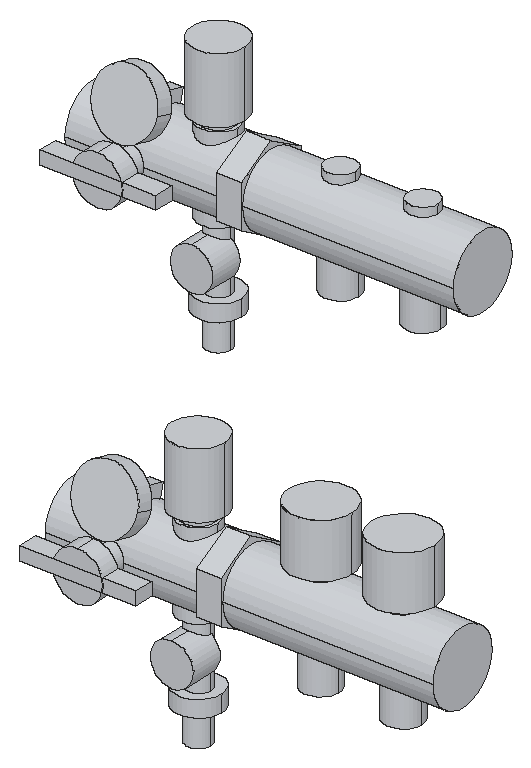
Revit family "318_dba5bdd3bf904ccfaea6eb69f10d74", category Pipe Accessories, Revit 2017
Family settings
  Round Connector Dimension = Use Diameter
  Part Type = Valve - Normal
  Work Plane-Based = No
  Always vertical = Yes
  Cut with Voids When Loaded = No
  Shared = No
Parameters (values of type "R553DK102")
  magi_piping_qv_2_2 [instance] = 0.0 L/s
  magi_piping_qv_2_1 [instance] = 0.0 L/s
  magi_piping_qv_1_2 [instance] = 0.0 L/s
  magi_piping_qv_1_1 [instance] = 0.0 L/s
  magi_piping_qv [instance] = 0.0 L/s
  magi_piping_power_2 [instance] = 0 W
  magi_piping_power_1 [instance] = 0 W
  magi_piping_kv_2 [instance] = 0
  magi_piping_kv_1 [instance] = 0
  magi_piping_dpTot_2 [instance] = 0.0 Pa
  magi_piping_dpTot_1 [instance] = 0.0 Pa
  magi_adjustmentValue_2 [instance] = ""
  magi_adjustmentValue_1 [instance] = ""
  magiProductId = "dba5bdd3bf904ccfaea6eb69f10d74"
  magiProductFamilyId = "dba5bdd3bf904ccfaea6eb69f10d74"
  magiProductCode = "R553DK102"
  magiPartTypeId = 318
  Y = 15 mm
  VersionID = "2.0/2016.10.37.0/GIACOMINI_R553DK_001"
  URL = "http://www.giacomini.com/en"
  SMP = 25 mm
  SBP9 = 18 mm
  SBP8 = 18 mm
  SBP7 = 18 mm
  SBP6 = 18 mm
  SBP5 = 18 mm
  SBP4 = 18 mm
  SBP3 = 18 mm
  SBP2 = 18 mm
  SBP12 = 18 mm
  SBP11 = 18 mm
  SBP10 = 18 mm
  SBP1 = 18 mm
  RMP = 25 mm
  RBP9 = 18 mm
  RBP8 = 18 mm
  RBP7 = 18 mm
  RBP6 = 18 mm
  RBP5 = 18 mm
  RBP4 = 18 mm
  RBP3 = 18 mm
  RBP2 = 18 mm
  RBP12 = 18 mm
  RBP11 = 18 mm
  RBP10 = 18 mm
  RBP1 = 18 mm
  R2 = 22 mm
  QmdConnectorList = "321;SMP;322;SBP1;323;SBP2;351;RMP;352;RBP1;353;RBP2"
  Productdata [instance] = "© Progman Oy, all rights reserved"
  N9 = no
  N8 = no
  N7 = no
  N6 = no
  N5 = no
  N4 = no
  N3 = no
  N12 = no
  N11 = no
  N10 = no
  Manufacturer = "Giacomini"
  MC_Default_elevation = 0 mm
  L = 235 mm
  I = 50 mm
  H5 = 33 mm
  H4 = 5 mm
  H3__ve = -H3  # -40 mm
  H3 = 40 mm
  H11 = 5 mm
  Flow supply main [instance] = Flow supply 1 + Flow supply 2  # 0.0 L/s
  Flow supply 2 [instance] = 0.0 L/s
  Flow supply 1 [instance] = 0.0 L/s
  Flow return main [instance] = Flow return 1 + Flow return 2  # 0.0 L/s
  Flow return 2 [instance] = 0.0 L/s
  Flow return 1 [instance] = 0.0 L/s
  E = 208 mm
  Description = "PREASSEMBLED MANIFOLD KIT"
  D5 = 38 mm
  D4 = 22 mm
  D31 = 18 mm
  D2 = 44 mm
  CAT0 = yes
  A = 149 mm
Reference planes
  plane 1 "Center (Front/Back)": y = 0
  plane 2 "XYPLANE": z = 0
  plane 3 "Center (Left/Right)": x = 0
  plane 4 "INIT_TEMP": y = 100
  plane 5 "379": x = 699
  plane 6 "378": x = 649
  plane 7 "377": x = 599
  plane 8 "376": x = 549
  plane 9 "375": x = 499
  plane 10 "374": x = 449
  plane 11 "373": x = 399
  plane 12 "372": x = 349
  plane 13 "371": x = 299
  plane 14 "369": x = 249
  plane 15 "368": x = 199
  plane 16 "367": x = 149
  plane 17 "366": z = 22
  plane 18 "365": z = 0
  plane 19 "364": z = -208
  plane 20 "363": y = -15
  plane 21 "362": y = 0
  plane 22 "361": x = 0
  plane 23 "360": z = -40
  plane 24 "359": z = -186
  plane 25 "358": z = -181
  plane 26 "357": z = -248
  plane 27 "356": x = 75
  plane 28 "355": z = 26
  plane 29 "354": x = 92
  plane 30 "353": z = 31
  plane 31 "352": z = -26
  plane 32 "351": z = -46
  plane 33 "350": z = -66
  plane 34 "349": z = 30
  plane 35 "348": x = 38
  plane 36 "347": y = -33
  plane 37 "346": z = 30
  plane 38 "345": y = -15
  plane 39 "344": z = -182
  plane 40 "343": z = -177
  plane 41 "342": z = -234
  plane 42 "341": z = -254
  plane 43 "340": z = -274
  plane 44 "339": z = -178
  plane 45 "338": y = -30
  plane 46 "337": z = -178
  plane 47 "336": y = -48
  plane 48 "1055": through (-712, 0, 30) normal (0, 0.2588, 0.9659)
  plane 49 "1056": through (-712, -15, 30) normal (0, -0.9659, 0.2588)
  plane 50 "1057": through (-712, -30, -178) normal (0, 0.9659, -0.2588)
  plane 51 "1058": through (-712, -15, -178) normal (0, -0.2588, -0.9659)
Forms (mm)
  Extrusion 1, solid, visible <- "N12"
    sketch origin (-750, 0, 22) x (1, 0, 0) y (0, 1, 0)
      loop
        circle (1449, 0) r 9
    from 0 to 5 <- "H11"
  Extrusion 2, solid, visible <- "N11"
    sketch origin (-750, 0, 22) x (1, 0, 0) y (0, 1, 0)
      loop
        circle (1399, 0) r 9
    from 0 to 5 <- "H11"
  Extrusion 3, solid, visible <- "N9"
    sketch origin (-750, 0, 22) x (1, 0, 0) y (0, 1, 0)
      loop
        circle (1299, 0) r 9
    from 0 to 5 <- "H11"
  Extrusion 4, solid, visible <- "N10"
    sketch origin (-750, 0, 22) x (1, 0, 0) y (0, 1, 0)
      loop
        circle (1349, 0) r 9
    from 0 to 5 <- "H11"
  Extrusion 5, solid, visible <- "N8"
    sketch origin (-750, 0, 22) x (1, 0, 0) y (0, 1, 0)
      loop
        circle (1249, 0) r 9
    from 0 to 5 <- "H11"
  Extrusion 6, solid, visible <- "N7"
    sketch origin (-750, 0, 22) x (1, 0, 0) y (0, 1, 0)
      loop
        circle (1199, 0) r 9
    from 0 to 5 <- "H11"
  Extrusion 7, solid, visible <- "N6"
    sketch origin (-750, 0, 22) x (1, 0, 0) y (0, 1, 0)
      loop
        circle (1149, 0) r 9
    from 0 to 5 <- "H11"
  Extrusion 8, solid, visible <- "N5"
    sketch origin (-750, 0, 22) x (1, 0, 0) y (0, 1, 0)
      loop
        circle (1099, 0) r 9
    from 0 to 5 <- "H11"
  Extrusion 9, solid, visible <- "N4"
    sketch origin (-750, 0, 22) x (1, 0, 0) y (0, 1, 0)
      loop
        circle (1049, 0) r 9
    from 0 to 5 <- "H11"
  Extrusion 10, solid, visible <- "N3"
    sketch origin (-750, 0, 22) x (1, 0, 0) y (0, 1, 0)
      loop
        circle (999, 0) r 9
    from 0 to 5 <- "H11"
  Extrusion 11, solid
    sketch origin (-750, 0, 22) x (1, 0, 0) y (0, 1, 0)
      loop
        circle (949, 0) r 9
    from 0 to 5 <- "H11"
  Extrusion 12, solid
    sketch origin (-750, 0, 22) x (1, 0, 0) y (0, 1, 0)
      loop
        circle (899, 0) r 9
    from 0 to 5 <- "H11"
  Extrusion 13, solid, visible <- "CAT0"
    sketch origin (0, -750, 0) x (0, 1, 0) y (0, 0, 1)
      loop
        circle (750, 0) r 22
    from 0 to 235 <- "L"
  Extrusion 14, solid
    sketch origin (-750, 0, 0) x (1, 0, 0) y (0, 1, 0)
      loop
        circle (899, 0) r 11
    from 0 to -40 <- "H3__ve"
  Extrusion 15, solid
    sketch origin (-750, 0, 0) x (1, 0, 0) y (0, 1, 0)
      loop
        circle (949, 0) r 11
    from 0 to -40 <- "H3__ve"
  Extrusion 16, solid, visible <- "N3"
    sketch origin (-750, 0, 0) x (1, 0, 0) y (0, 1, 0)
      loop
        circle (999, 0) r 11
    from 0 to -40 <- "H3__ve"
  Extrusion 17, solid, visible <- "N4"
    sketch origin (-750, 0, 0) x (1, 0, 0) y (0, 1, 0)
      loop
        circle (1049, 0) r 11
    from 0 to -40 <- "H3__ve"
  Extrusion 18, solid, visible <- "N5"
    sketch origin (-750, 0, 0) x (1, 0, 0) y (0, 1, 0)
      loop
        circle (1099, 0) r 11
    from 0 to -40 <- "H3__ve"
  Extrusion 19, solid, visible <- "N6"
    sketch origin (-750, 0, 0) x (1, 0, 0) y (0, 1, 0)
      loop
        circle (1149, 0) r 11
    from 0 to -40 <- "H3__ve"
  Extrusion 20, solid, visible <- "N7"
    sketch origin (-750, 0, 0) x (1, 0, 0) y (0, 1, 0)
      loop
        circle (1199, 0) r 11
    from 0 to -40 <- "H3__ve"
  Extrusion 21, solid, visible <- "N12"
    sketch origin (-750, 0, 0) x (1, 0, 0) y (0, 1, 0)
      loop
        circle (1449, 0) r 11
    from 0 to -40 <- "H3__ve"
  Extrusion 22, solid, visible <- "N11"
    sketch origin (-750, 0, 0) x (1, 0, 0) y (0, 1, 0)
      loop
        circle (1399, 0) r 11
    from 0 to -40 <- "H3__ve"
  Extrusion 23, solid, visible <- "N10"
    sketch origin (-750, 0, 0) x (1, 0, 0) y (0, 1, 0)
      loop
        circle (1349, 0) r 11
    from 0 to -40 <- "H3__ve"
  Extrusion 24, solid, visible <- "N9"
    sketch origin (-750, 0, 0) x (1, 0, 0) y (0, 1, 0)
      loop
        circle (1299, 0) r 11
    from 0 to -40 <- "H3__ve"
  Extrusion 25, solid, visible <- "N8"
    sketch origin (-750, 0, 0) x (1, 0, 0) y (0, 1, 0)
      loop
        circle (1249, 0) r 11
    from 0 to -40 <- "H3__ve"
  Extrusion 26, solid, visible <- "CAT0"
    sketch origin (0, -750, 0) x (0, 1, 0) y (0, 0, 1)
      loop
        circle (735, -208) r 22
    from 0 to 235 <- "L"
  Extrusion 27, solid
    sketch origin (-750, 0, -208) x (1, 0, 0) y (0, 1, 0)
      loop
        circle (949, -15) r 11
    from 0 to -40 <- "H3__ve"
  Extrusion 28, solid
    sketch origin (-750, 0, -208) x (1, 0, 0) y (0, 1, 0)
      loop
        circle (899, -15) r 11
    from 0 to -40 <- "H3__ve"
  Extrusion 29, solid, visible <- "N3"
    sketch origin (-750, 0, -208) x (1, 0, 0) y (0, 1, 0)
      loop
        circle (999, -15) r 11
    from 0 to -40 <- "H3__ve"
  Extrusion 30, solid
    sketch origin (-750, 0, -186) x (1, 0, 0) y (0, 1, 0)
      loop
        circle (899, -15) r 11
    from 0 to 5 <- "H4"
  Extrusion 31, solid
    sketch origin (-750, 0, -181) x (1, 0, 0) y (0, 1, 0)
      loop
        circle (899, -15) r 19
    from 0 to 33 <- "H5"
  Extrusion 32, solid
    sketch origin (-750, 0, -181) x (1, 0, 0) y (0, 1, 0)
      loop
        circle (949, -15) r 19
    from 0 to 33 <- "H5"
  Extrusion 33, solid
    sketch origin (-750, 0, -186) x (1, 0, 0) y (0, 1, 0)
      loop
        circle (949, -15) r 11
    from 0 to 5 <- "H4"
  Extrusion 34, solid, visible <- "N3"
    sketch origin (-750, 0, -186) x (1, 0, 0) y (0, 1, 0)
      loop
        circle (999, -15) r 11
    from 0 to 5 <- "H4"
  Extrusion 35, solid, visible <- "N3"
    sketch origin (-750, 0, -181) x (1, 0, 0) y (0, 1, 0)
      loop
        circle (999, -15) r 19
    from 0 to 33 <- "H5"
  Extrusion 36, solid, visible <- "N4"
    sketch origin (-750, 0, -181) x (1, 0, 0) y (0, 1, 0)
      loop
        circle (1049, -15) r 19
    from 0 to 33 <- "H5"
  Extrusion 37, solid, visible <- "N4"
    sketch origin (-750, 0, -186) x (1, 0, 0) y (0, 1, 0)
      loop
        circle (1049, -15) r 11
    from 0 to 5 <- "H4"
  Extrusion 38, solid, visible <- "N4"
    sketch origin (-750, 0, -208) x (1, 0, 0) y (0, 1, 0)
      loop
        circle (1049, -15) r 11
    from 0 to -40 <- "H3__ve"
  Extrusion 39, solid, visible <- "N5"
    sketch origin (-750, 0, -208) x (1, 0, 0) y (0, 1, 0)
      loop
        circle (1099, -15) r 11
    from 0 to -40 <- "H3__ve"
  Extrusion 40, solid, visible <- "N5"
    sketch origin (-750, 0, -186) x (1, 0, 0) y (0, 1, 0)
      loop
        circle (1099, -15) r 11
    from 0 to 5 <- "H4"
  Extrusion 41, solid, visible <- "N5"
    sketch origin (-750, 0, -181) x (1, 0, 0) y (0, 1, 0)
      loop
        circle (1099, -15) r 19
    from 0 to 33 <- "H5"
  Extrusion 42, solid, visible <- "N6"
    sketch origin (-750, 0, -181) x (1, 0, 0) y (0, 1, 0)
      loop
        circle (1149, -15) r 19
    from 0 to 33 <- "H5"
  Extrusion 43, solid, visible <- "N6"
    sketch origin (-750, 0, -186) x (1, 0, 0) y (0, 1, 0)
      loop
        circle (1149, -15) r 11
    from 0 to 5 <- "H4"
  Extrusion 44, solid, visible <- "N6"
    sketch origin (-750, 0, -208) x (1, 0, 0) y (0, 1, 0)
      loop
        circle (1149, -15) r 11
    from 0 to -40 <- "H3__ve"
  Extrusion 45, solid, visible <- "N7"
    sketch origin (-750, 0, -208) x (1, 0, 0) y (0, 1, 0)
      loop
        circle (1199, -15) r 11
    from 0 to -40 <- "H3__ve"
  Extrusion 46, solid, visible <- "N7"
    sketch origin (-750, 0, -186) x (1, 0, 0) y (0, 1, 0)
      loop
        circle (1199, -15) r 11
    from 0 to 5 <- "H4"
  Extrusion 47, solid, visible <- "N7"
    sketch origin (-750, 0, -181) x (1, 0, 0) y (0, 1, 0)
      loop
        circle (1199, -15) r 19
    from 0 to 33 <- "H5"
  Extrusion 48, solid, visible <- "N9"
    sketch origin (-750, 0, -181) x (1, 0, 0) y (0, 1, 0)
      loop
        circle (1299, -15) r 19
    from 0 to 33 <- "H5"
  Extrusion 49, solid, visible <- "N9"
    sketch origin (-750, 0, -186) x (1, 0, 0) y (0, 1, 0)
      loop
        circle (1299, -15) r 11
    from 0 to 5 <- "H4"
  Extrusion 50, solid, visible <- "N9"
    sketch origin (-750, 0, -208) x (1, 0, 0) y (0, 1, 0)
      loop
        circle (1299, -15) r 11
    from 0 to -40 <- "H3__ve"
  Extrusion 51, solid, visible <- "N8"
    sketch origin (-750, 0, -208) x (1, 0, 0) y (0, 1, 0)
      loop
        circle (1249, -15) r 11
    from 0 to -40 <- "H3__ve"
  Extrusion 52, solid, visible <- "N8"
    sketch origin (-750, 0, -186) x (1, 0, 0) y (0, 1, 0)
      loop
        circle (1249, -15) r 11
    from 0 to 5 <- "H4"
  Extrusion 53, solid, visible <- "N8"
    sketch origin (-750, 0, -181) x (1, 0, 0) y (0, 1, 0)
      loop
        circle (1249, -15) r 19
    from 0 to 33 <- "H5"
  Extrusion 54, solid, visible <- "N11"
    sketch origin (-750, 0, -181) x (1, 0, 0) y (0, 1, 0)
      loop
        circle (1399, -15) r 19
    from 0 to 33 <- "H5"
  Extrusion 55, solid, visible <- "N11"
    sketch origin (-750, 0, -186) x (1, 0, 0) y (0, 1, 0)
      loop
        circle (1399, -15) r 11
    from 0 to 5 <- "H4"
  Extrusion 56, solid, visible <- "N11"
    sketch origin (-750, 0, -208) x (1, 0, 0) y (0, 1, 0)
      loop
        circle (1399, -15) r 11
    from 0 to -40 <- "H3__ve"
  Extrusion 57, solid, visible <- "N12"
    sketch origin (-750, 0, -208) x (1, 0, 0) y (0, 1, 0)
      loop
        circle (1449, -15) r 11
    from 0 to -40 <- "H3__ve"
  Extrusion 58, solid, visible <- "N12"
    sketch origin (-750, 0, -186) x (1, 0, 0) y (0, 1, 0)
      loop
        circle (1449, -15) r 11
    from 0 to 5 <- "H4"
  Extrusion 59, solid, visible <- "N12"
    sketch origin (-750, 0, -181) x (1, 0, 0) y (0, 1, 0)
      loop
        circle (1449, -15) r 19
    from 0 to 33 <- "H5"
  Extrusion 60, solid, visible <- "N10"
    sketch origin (-750, 0, -181) x (1, 0, 0) y (0, 1, 0)
      loop
        circle (1349, -15) r 19
    from 0 to 33 <- "H5"
  Extrusion 61, solid, visible <- "N10"
    sketch origin (-750, 0, -186) x (1, 0, 0) y (0, 1, 0)
      loop
        circle (1349, -15) r 11
    from 0 to 5 <- "H4"
  Extrusion 62, solid, visible <- "N10"
    sketch origin (-750, 0, -208) x (1, 0, 0) y (0, 1, 0)
      loop
        circle (1349, -15) r 11
    from 0 to -40 <- "H3__ve"
  Extrusion 63, solid
    sketch origin (-750, 0, 26) x (1, 0, 0) y (0, 1, 0)
      loop
        circle (825, 0) r 12
    from 0 to -52
  Extrusion 64, solid
    sketch origin (92, -750, 0) x (0, 1, 0) y (0, 0, 1)
      loop
        line (750, 26) -> (727.483, 13) -> (727.483, -13) -> (750, -26) -> (772.517, -13) -> (772.517, 13) -> (750, 26)
    from 0 to 15
  Extrusion 65, solid
    sketch origin (-750, 0, 26) x (1, 0, 0) y (0, 1, 0)
      loop
        circle (825, 0) r 10
    from 0 to 5
  Extrusion 66, solid
    sketch origin (-750, 0, 31) x (1, 0, 0) y (0, 1, 0)
      loop
        circle (825, 0) r 16
    from 0 to 40
  Extrusion 67, solid
    sketch origin (-750, 0, -26) x (1, 0, 0) y (0, 1, 0)
      loop
        circle (825, 0) r 7.5
    from 0 to -70
  Extrusion 68, solid
    sketch origin (750, 0, 0) x (-1, 0, 0) y (0, 0, 1)
      loop
        circle (675, -46) r 13
    from 0 to -20
  Extrusion 69, solid
    sketch origin (-750, 0, -66) x (1, 0, 0) y (0, 1, 0)
      loop
        circle (825, 0) r 14
    from 0 to -10
  Extrusion 70, solid
    sketch origin (750, -33, 0) x (-1, 0, 0) y (0, 0, 1)
      loop
        circle (712, 0) r 15
    from 0 to -12
  Extrusion 71, solid
    sketch origin (-712, 0, 30) x (1, 0, 0) y (0, 0.965926, -0.258819)
      loop
        line (746, 15) -> (746, -15) -> (754, -15) -> (754, 15) -> (746, 15)
    from 0 to -18
  Extrusion 72, solid
    sketch origin (750, 0, 0) x (-1, 0, 0) y (0, 0, 1)
      loop
        circle (712, 0) r 9
    from 0 to -33
  Extrusion 73, solid
    sketch origin (750, -33, 0) x (-1, 0, 0) y (0, 0, 1)
      loop
        line (677, 4) -> (677, -4) -> (747, -4) -> (747, 4) -> (677, 4)
    from 0 to -12
  Extrusion 74, solid
    sketch origin (-712, -15, 30) x (1, 0, 0) y (0, 0.258819, 0.965926)
      loop
        circle (750, 0) r 20
    from 0 to 10
  Extrusion 75, solid
    sketch origin (-750, 0, -274) x (1, 0, 0) y (0, 1, 0)
      loop
        circle (825, -15) r 14
    from 0 to -10
  Extrusion 76, solid
    sketch origin (750, -15, 0) x (-1, 0, 0) y (0, 0, 1)
      loop
        circle (675, -254) r 13
    from 0 to -20
  Extrusion 77, solid
    sketch origin (-750, 0, -234) x (1, 0, 0) y (0, 1, 0)
      loop
        circle (825, -15) r 7.5
    from 0 to -70
  Extrusion 78, solid
    sketch origin (-750, 0, -177) x (1, 0, 0) y (0, 1, 0)
      loop
        circle (825, -15) r 16
    from 0 to 40
  Extrusion 79, solid
    sketch origin (-750, 0, -182) x (1, 0, 0) y (0, 1, 0)
      loop
        circle (825, -15) r 10
    from 0 to 5
  Extrusion 80, solid
    sketch origin (92, -750, 0) x (0, 1, 0) y (0, 0, 1)
      loop
        line (735, -182) -> (712.483, -195) -> (712.483, -221) -> (735, -234) -> (757.517, -221) -> (757.517, -195) -> (735, -182)
    from 0 to 15
  Extrusion 81, solid
    sketch origin (-750, 0, -182) x (1, 0, 0) y (0, 1, 0)
      loop
        circle (825, -15) r 12
    from 0 to -52
  Extrusion 82, solid
    sketch origin (-712, -30, -178) x (1, 0, 0) y (0, -0.258819, -0.965926)
      loop
        circle (750, 0) r 20
    from 0 to -10
  Extrusion 83, solid
    sketch origin (750, -48, 0) x (-1, 0, 0) y (0, 0, 1)
      loop
        line (677, -204) -> (677, -212) -> (747, -212) -> (747, -204) -> (677, -204)
    from 0 to -12
  Extrusion 84, solid
    sketch origin (750, -15, 0) x (-1, 0, 0) y (0, 0, 1)
      loop
        circle (712, -208) r 9
    from 0 to -33
  Extrusion 85, solid
    sketch origin (-712, -15, -178) x (1, 0, 0) y (0, -0.965926, 0.258819)
      loop
        line (746, -15) -> (754, -15) -> (754, 15) -> (746, 15) -> (746, -15)
    from 0 to 18
  Extrusion 86, solid
    sketch origin (750, -48, 0) x (-1, 0, 0) y (0, 0, 1)
      loop
        circle (712, -208) r 15
    from 0 to -12
  Extrusion 87, solid, not visible
    sketch origin (-750, 0, -40) x (1, 0, 0) y (0, 1, 0)
      loop
        circle (949, 0) r 10
    from 0 to 10
  Extrusion 88, solid, not visible
    sketch origin (-750, 0, -40) x (1, 0, 0) y (0, 1, 0)
      loop
        circle (899, 0) r 10
    from 0 to 10
  Extrusion 89, solid, not visible
    sketch origin (0, -750, 0) x (0, 1, 0) y (0, 0, 1)
      loop
        circle (735, -208) r 10
    from 0 to 10
  Extrusion 90, solid, not visible
    sketch origin (0, -750, 0) x (0, 1, 0) y (0, 0, 1)
      loop
        circle (750, 0) r 10
    from 0 to 10
  Extrusion 91, solid, not visible
    sketch origin (-750, 0, -248) x (1, 0, 0) y (0, 1, 0)
      loop
        circle (899, -15) r 10
    from 0 to 10
  Extrusion 92, solid, not visible
    sketch origin (-750, 0, -248) x (1, 0, 0) y (0, 1, 0)
      loop
        circle (949, -15) r 10
    from 0 to 10
Text (mm)
  text "© Progman Oy, all rights reserved" at (-472.209, -2482.653, 0), in view "Ref. Level"
Dimensions and locks
  plane 4 "INIT_TEMP" to plane 1 "Center (Front/Back)" = 100 mm
  "I": plane 6 "378" to plane 5 "379"
  "I": plane 7 "377" to plane 6 "378"
  "I": plane 8 "376" to plane 7 "377"
  "I": plane 9 "375" to plane 8 "376"
  "I": plane 10 "374" to plane 9 "375"
  "I": plane 11 "373" to plane 10 "374"
  "I": plane 12 "372" to plane 11 "373"
  "I": plane 13 "371" to plane 12 "372"
  "I": plane 14 "369" to plane 13 "371"
  "I": plane 15 "368" to plane 14 "369"
  "I": plane 16 "367" to plane 15 "368"
  "A": plane 3 "Center (Left/Right)" to plane 16 "367"
  "R2": plane 2 "XYPLANE" to plane 17 "366"
  locked: plane 2 "XYPLANE" to plane 18 "365"
  "E": plane 2 "XYPLANE" to plane 19 "364"
  "Y": plane 1 "Center (Front/Back)" to plane 20 "363"
  locked: plane 1 "Center (Front/Back)" to plane 21 "362"
  locked: plane 3 "Center (Left/Right)" to plane 22 "361"
  "H3": plane 2 "XYPLANE" to plane 23 "360"
  "R2": plane 19 "364" to plane 24 "359"
  "H4": plane 24 "359" to plane 25 "358"
  "H3": plane 19 "364" to plane 26 "357"
  locked: plane 3 "Center (Left/Right)" to plane 27 "356" at 75
  locked: plane 2 "XYPLANE" to plane 28 "355" at 26
  locked: plane 27 "356" to plane 29 "354" at 17
  locked: plane 28 "355" to plane 30 "353" at 5
  locked: plane 28 "355" to plane 31 "352" at 52
  locked: plane 31 "352" to plane 32 "351" at 20
  locked: plane 31 "352" to plane 33 "350" at 40
  locked: plane 2 "XYPLANE" to plane 34 "349" at 30
  locked: plane 3 "Center (Left/Right)" to plane 35 "348" at 38
  locked: plane 1 "Center (Front/Back)" to plane 36 "347" at 33
  locked: plane 2 "XYPLANE" to plane 37 "346" at 30
  locked: plane 1 "Center (Front/Back)" to plane 38 "345" at 15
  locked: plane 19 "364" to plane 39 "344" at 26
  locked: plane 39 "344" to plane 40 "343" at 5
  locked: plane 39 "344" to plane 41 "342" at 52
  locked: plane 41 "342" to plane 42 "341" at 20
  locked: plane 41 "342" to plane 43 "340" at 40
  locked: plane 19 "364" to plane 44 "339" at 30
  locked: plane 20 "363" to plane 45 "338" at 15
  locked: plane 19 "364" to plane 46 "337" at 30
  locked: plane 20 "363" to plane 47 "336" at 33
  "D31": diameter of Extrusion 1 sketch curve
  "D31": diameter of Extrusion 2 sketch curve
  "D31": diameter of Extrusion 3 sketch curve
  "D31": diameter of Extrusion 4 sketch curve
  "D31": diameter of Extrusion 5 sketch curve
  "D31": diameter of Extrusion 6 sketch curve
  "D31": diameter of Extrusion 7 sketch curve
  "D31": diameter of Extrusion 8 sketch curve
  "D31": diameter of Extrusion 9 sketch curve
  "D31": diameter of Extrusion 10 sketch curve
  "D31": diameter of Extrusion 11 sketch curve
  "D31": diameter of Extrusion 12 sketch curve
  "D2": diameter of Extrusion 13 sketch curve
  "D4": diameter of Extrusion 14 sketch curve
  "D4": diameter of Extrusion 15 sketch curve
  "D4": diameter of Extrusion 16 sketch curve
  "D4": diameter of Extrusion 17 sketch curve
  "D4": diameter of Extrusion 18 sketch curve
  "D4": diameter of Extrusion 19 sketch curve
  "D4": diameter of Extrusion 20 sketch curve
  "D4": diameter of Extrusion 21 sketch curve
  "D4": diameter of Extrusion 22 sketch curve
  "D4": diameter of Extrusion 23 sketch curve
  "D4": diameter of Extrusion 24 sketch curve
  "D4": diameter of Extrusion 25 sketch curve
  "D2": diameter of Extrusion 26 sketch curve
  "D4": diameter of Extrusion 27 sketch curve
  "D4": diameter of Extrusion 28 sketch curve
  "D4": diameter of Extrusion 29 sketch curve
  "D4": diameter of Extrusion 30 sketch curve
  "D5": diameter of Extrusion 31 sketch curve
  "D5": diameter of Extrusion 32 sketch curve
  "D4": diameter of Extrusion 33 sketch curve
  "D4": diameter of Extrusion 34 sketch curve
  "D5": diameter of Extrusion 35 sketch curve
  "D5": diameter of Extrusion 36 sketch curve
  "D4": diameter of Extrusion 37 sketch curve
  "D4": diameter of Extrusion 38 sketch curve
  "D4": diameter of Extrusion 39 sketch curve
  "D4": diameter of Extrusion 40 sketch curve
  "D5": diameter of Extrusion 41 sketch curve
  "D5": diameter of Extrusion 42 sketch curve
  "D4": diameter of Extrusion 43 sketch curve
  "D4": diameter of Extrusion 44 sketch curve
  "D4": diameter of Extrusion 45 sketch curve
  "D4": diameter of Extrusion 46 sketch curve
  "D5": diameter of Extrusion 47 sketch curve
  "D5": diameter of Extrusion 48 sketch curve
  "D4": diameter of Extrusion 49 sketch curve
  "D4": diameter of Extrusion 50 sketch curve
  "D4": diameter of Extrusion 51 sketch curve
  "D4": diameter of Extrusion 52 sketch curve
  "D5": diameter of Extrusion 53 sketch curve
  "D5": diameter of Extrusion 54 sketch curve
  "D4": diameter of Extrusion 55 sketch curve
  "D4": diameter of Extrusion 56 sketch curve
  "D4": diameter of Extrusion 57 sketch curve
  "D4": diameter of Extrusion 58 sketch curve
  "D5": diameter of Extrusion 59 sketch curve
  "D5": diameter of Extrusion 60 sketch curve
  "D4": diameter of Extrusion 61 sketch curve
  "D4": diameter of Extrusion 62 sketch curve
  aligned and locked: level to plane 2 "XYPLANE"
  aligned and locked: plane 5 "379" to Extrusion 1 sketch curve
  aligned and locked: plane 21 "362" to Extrusion 1 sketch curve
  aligned and locked: plane 6 "378" to Extrusion 2 sketch curve
  aligned and locked: plane 21 "362" to Extrusion 2 sketch curve
  aligned and locked: plane 8 "376" to Extrusion 3 sketch curve
  aligned and locked: plane 21 "362" to Extrusion 3 sketch curve
  aligned and locked: plane 7 "377" to Extrusion 4 sketch curve
  aligned and locked: plane 21 "362" to Extrusion 4 sketch curve
  aligned and locked: plane 9 "375" to Extrusion 5 sketch curve
  aligned and locked: plane 21 "362" to Extrusion 5 sketch curve
  aligned and locked: plane 10 "374" to Extrusion 6 sketch curve
  aligned and locked: plane 21 "362" to Extrusion 6 sketch curve
  aligned and locked: plane 11 "373" to Extrusion 7 sketch curve
  aligned and locked: plane 21 "362" to Extrusion 7 sketch curve
  aligned and locked: plane 12 "372" to Extrusion 8 sketch curve
  aligned and locked: plane 21 "362" to Extrusion 8 sketch curve
  aligned and locked: plane 13 "371" to Extrusion 9 sketch curve
  aligned and locked: plane 21 "362" to Extrusion 9 sketch curve
  aligned and locked: plane 14 "369" to Extrusion 10 sketch curve
  aligned and locked: plane 21 "362" to Extrusion 10 sketch curve
  aligned and locked: plane 15 "368" to Extrusion 11 sketch curve
  aligned and locked: plane 21 "362" to Extrusion 11 sketch curve
  aligned and locked: plane 16 "367" to Extrusion 12 sketch curve
  aligned and locked: plane 21 "362" to Extrusion 12 sketch curve
  aligned and locked: plane 18 "365" to Extrusion 13 sketch curve
  aligned and locked: Extrusion 13 sketch curve to plane 21 "362"
  aligned and locked: plane 16 "367" to Extrusion 14 sketch curve
  aligned and locked: plane 21 "362" to Extrusion 14 sketch curve
  aligned and locked: plane 15 "368" to Extrusion 15 sketch curve
  aligned and locked: plane 21 "362" to Extrusion 15 sketch curve
  aligned and locked: plane 14 "369" to Extrusion 16 sketch curve
  aligned and locked: plane 21 "362" to Extrusion 16 sketch curve
  aligned and locked: plane 13 "371" to Extrusion 17 sketch curve
  aligned and locked: plane 21 "362" to Extrusion 17 sketch curve
  aligned and locked: plane 12 "372" to Extrusion 18 sketch curve
  aligned and locked: plane 21 "362" to Extrusion 18 sketch curve
  aligned and locked: plane 11 "373" to Extrusion 19 sketch curve
  aligned and locked: plane 21 "362" to Extrusion 19 sketch curve
  aligned and locked: plane 10 "374" to Extrusion 20 sketch curve
  aligned and locked: plane 21 "362" to Extrusion 20 sketch curve
  aligned and locked: plane 5 "379" to Extrusion 21 sketch curve
  aligned and locked: plane 21 "362" to Extrusion 21 sketch curve
  aligned and locked: plane 6 "378" to Extrusion 22 sketch curve
  aligned and locked: plane 21 "362" to Extrusion 22 sketch curve
  aligned and locked: plane 7 "377" to Extrusion 23 sketch curve
  aligned and locked: plane 21 "362" to Extrusion 23 sketch curve
  aligned and locked: plane 8 "376" to Extrusion 24 sketch curve
  aligned and locked: plane 21 "362" to Extrusion 24 sketch curve
  aligned and locked: plane 9 "375" to Extrusion 25 sketch curve
  aligned and locked: plane 21 "362" to Extrusion 25 sketch curve
  aligned and locked: plane 19 "364" to Extrusion 26 sketch curve
  aligned and locked: Extrusion 26 sketch curve to plane 20 "363"
  aligned and locked: plane 15 "368" to Extrusion 27 sketch curve
  aligned and locked: plane 20 "363" to Extrusion 27 sketch curve
  aligned and locked: plane 16 "367" to Extrusion 28 sketch curve
  aligned and locked: plane 20 "363" to Extrusion 28 sketch curve
  aligned and locked: plane 14 "369" to Extrusion 29 sketch curve
  aligned and locked: plane 20 "363" to Extrusion 29 sketch curve
  aligned and locked: plane 16 "367" to Extrusion 30 sketch curve
  aligned and locked: plane 20 "363" to Extrusion 30 sketch curve
  aligned and locked: plane 16 "367" to Extrusion 31 sketch curve
  aligned and locked: plane 20 "363" to Extrusion 31 sketch curve
  aligned and locked: plane 15 "368" to Extrusion 32 sketch curve
  aligned and locked: plane 20 "363" to Extrusion 32 sketch curve
  aligned and locked: plane 15 "368" to Extrusion 33 sketch curve
  aligned and locked: plane 20 "363" to Extrusion 33 sketch curve
  aligned and locked: plane 14 "369" to Extrusion 34 sketch curve
  aligned and locked: plane 20 "363" to Extrusion 34 sketch curve
  aligned and locked: plane 14 "369" to Extrusion 35 sketch curve
  aligned and locked: plane 20 "363" to Extrusion 35 sketch curve
  aligned and locked: plane 13 "371" to Extrusion 36 sketch curve
  aligned and locked: plane 20 "363" to Extrusion 36 sketch curve
  aligned and locked: plane 13 "371" to Extrusion 37 sketch curve
  aligned and locked: plane 20 "363" to Extrusion 37 sketch curve
  aligned and locked: plane 13 "371" to Extrusion 38 sketch curve
  aligned and locked: plane 20 "363" to Extrusion 38 sketch curve
  aligned and locked: plane 12 "372" to Extrusion 39 sketch curve
  aligned and locked: plane 20 "363" to Extrusion 39 sketch curve
  aligned and locked: plane 12 "372" to Extrusion 40 sketch curve
  aligned and locked: plane 20 "363" to Extrusion 40 sketch curve
  aligned and locked: plane 12 "372" to Extrusion 41 sketch curve
  aligned and locked: plane 20 "363" to Extrusion 41 sketch curve
  aligned and locked: plane 11 "373" to Extrusion 42 sketch curve
  aligned and locked: plane 20 "363" to Extrusion 42 sketch curve
  aligned and locked: plane 11 "373" to Extrusion 43 sketch curve
  aligned and locked: plane 20 "363" to Extrusion 43 sketch curve
  aligned and locked: plane 11 "373" to Extrusion 44 sketch curve
  aligned and locked: plane 20 "363" to Extrusion 44 sketch curve
  aligned and locked: plane 10 "374" to Extrusion 45 sketch curve
  aligned and locked: plane 20 "363" to Extrusion 45 sketch curve
  aligned and locked: plane 10 "374" to Extrusion 46 sketch curve
  aligned and locked: plane 20 "363" to Extrusion 46 sketch curve
  aligned and locked: plane 10 "374" to Extrusion 47 sketch curve
  aligned and locked: plane 20 "363" to Extrusion 47 sketch curve
  aligned and locked: plane 8 "376" to Extrusion 48 sketch curve
  aligned and locked: plane 20 "363" to Extrusion 48 sketch curve
  aligned and locked: plane 8 "376" to Extrusion 49 sketch curve
  aligned and locked: plane 20 "363" to Extrusion 49 sketch curve
  aligned and locked: plane 8 "376" to Extrusion 50 sketch curve
  aligned and locked: plane 20 "363" to Extrusion 50 sketch curve
  aligned and locked: plane 9 "375" to Extrusion 51 sketch curve
  aligned and locked: plane 20 "363" to Extrusion 51 sketch curve
  aligned and locked: plane 9 "375" to Extrusion 52 sketch curve
  aligned and locked: plane 20 "363" to Extrusion 52 sketch curve
  aligned and locked: plane 9 "375" to Extrusion 53 sketch curve
  aligned and locked: plane 20 "363" to Extrusion 53 sketch curve
  aligned and locked: plane 6 "378" to Extrusion 54 sketch curve
  aligned and locked: plane 20 "363" to Extrusion 54 sketch curve
  aligned and locked: plane 6 "378" to Extrusion 55 sketch curve
  aligned and locked: plane 20 "363" to Extrusion 55 sketch curve
  aligned and locked: plane 6 "378" to Extrusion 56 sketch curve
  aligned and locked: plane 20 "363" to Extrusion 56 sketch curve
  aligned and locked: plane 5 "379" to Extrusion 57 sketch curve
  aligned and locked: plane 20 "363" to Extrusion 57 sketch curve
  aligned and locked: plane 5 "379" to Extrusion 58 sketch curve
  aligned and locked: plane 20 "363" to Extrusion 58 sketch curve
  aligned and locked: plane 5 "379" to Extrusion 59 sketch curve
  aligned and locked: plane 20 "363" to Extrusion 59 sketch curve
  aligned and locked: plane 7 "377" to Extrusion 60 sketch curve
  aligned and locked: plane 20 "363" to Extrusion 60 sketch curve
  aligned and locked: plane 7 "377" to Extrusion 61 sketch curve
  aligned and locked: plane 20 "363" to Extrusion 61 sketch curve
  aligned and locked: plane 7 "377" to Extrusion 62 sketch curve
  aligned and locked: plane 20 "363" to Extrusion 62 sketch curve
  aligned and locked: plane 21 "362" to Extrusion 63 sketch curve
  aligned and locked: plane 27 "356" to Extrusion 63 sketch curve
  aligned and locked: plane 21 "362" to Extrusion 65 sketch curve
  aligned and locked: plane 27 "356" to Extrusion 65 sketch curve
  aligned and locked: plane 21 "362" to Extrusion 66 sketch curve
  aligned and locked: plane 27 "356" to Extrusion 66 sketch curve
  aligned and locked: plane 21 "362" to Extrusion 67 sketch curve
  aligned and locked: plane 27 "356" to Extrusion 67 sketch curve
  aligned and locked: plane 27 "356" to Extrusion 68 sketch curve
  aligned and locked: plane 32 "351" to Extrusion 68 sketch curve
  aligned and locked: plane 21 "362" to Extrusion 69 sketch curve
  aligned and locked: plane 27 "356" to Extrusion 69 sketch curve
  aligned and locked: plane 18 "365" to Extrusion 70 sketch curve
  aligned and locked: plane 35 "348" to Extrusion 70 sketch curve
  aligned and locked: plane 18 "365" to Extrusion 72 sketch curve
  aligned and locked: plane 35 "348" to Extrusion 72 sketch curve
  aligned and locked: plane 35 "348" to Extrusion 74 sketch curve
  aligned and locked: plane 20 "363" to Extrusion 75 sketch curve
  aligned and locked: plane 27 "356" to Extrusion 75 sketch curve
  aligned and locked: plane 27 "356" to Extrusion 76 sketch curve
  aligned and locked: plane 42 "341" to Extrusion 76 sketch curve
  aligned and locked: plane 20 "363" to Extrusion 77 sketch curve
  aligned and locked: plane 27 "356" to Extrusion 77 sketch curve
  aligned and locked: plane 20 "363" to Extrusion 78 sketch curve
  aligned and locked: plane 27 "356" to Extrusion 78 sketch curve
  aligned and locked: plane 20 "363" to Extrusion 79 sketch curve
  aligned and locked: plane 27 "356" to Extrusion 79 sketch curve
  aligned and locked: plane 20 "363" to Extrusion 81 sketch curve
  aligned and locked: plane 27 "356" to Extrusion 81 sketch curve
  aligned and locked: plane 35 "348" to Extrusion 82 sketch curve
  aligned and locked: plane 19 "364" to Extrusion 84 sketch curve
  aligned and locked: plane 35 "348" to Extrusion 84 sketch curve
  aligned and locked: plane 19 "364" to Extrusion 86 sketch curve
  aligned and locked: plane 35 "348" to Extrusion 86 sketch curve
  aligned and locked: plane 15 "368" to Extrusion 87 sketch curve
  aligned and locked: plane 21 "362" to Extrusion 87 sketch curve
  aligned and locked: plane 16 "367" to Extrusion 88 sketch curve
  aligned and locked: plane 21 "362" to Extrusion 88 sketch curve
  aligned and locked: plane 19 "364" to Extrusion 89 sketch curve
  aligned and locked: Extrusion 89 sketch curve to plane 20 "363"
  aligned and locked: plane 18 "365" to Extrusion 90 sketch curve
  aligned and locked: Extrusion 90 sketch curve to plane 21 "362"
  aligned and locked: plane 16 "367" to Extrusion 91 sketch curve
  aligned and locked: plane 20 "363" to Extrusion 91 sketch curve
  aligned and locked: plane 15 "368" to Extrusion 92 sketch curve
  aligned and locked: plane 20 "363" to Extrusion 92 sketch curve
Automatic sketch dimensions
  Extrusion 63 sketch curve to plane 27 "356" = 12 mm
  Extrusion 64 sketch curve to plane 1 "Center (Front/Back)" = 0 mm  (x2)
  Extrusion 64 sketch curve to plane 31 "352" = 0 mm
  Extrusion 64 sketch curve to plane 28 "355" = 0 mm
  plane 45 "338" to Extrusion 64 sketch curve = 7.483 mm
  Extrusion 64 sketch curve to plane 17 "366" = 9 mm  (x2)
  Extrusion 64 sketch curve to plane 1 "Center (Front/Back)" = 22.517 mm
  Extrusion 64 sketch curve to level = 13 mm  (x2)
  Extrusion 65 sketch curve to plane 27 "356" = 10 mm
  Extrusion 66 sketch curve to plane 27 "356" = 16 mm
  Extrusion 67 sketch curve to plane 27 "356" = 7.5 mm
  plane 33 "350" to Extrusion 68 sketch curve = 7 mm
  Extrusion 69 sketch curve to plane 27 "356" = 14 mm
  plane 31 "352" to Extrusion 70 sketch curve = 11 mm
  Extrusion 71 sketch curve to plane 35 "348" = 4 mm
  plane 49 "1056" to Extrusion 71 sketch curve = 0.511 mm
  plane 35 "348" to Extrusion 71 sketch curve = 4 mm
  Extrusion 71 sketch curve to plane 50 "1057" = 9.857 mm
  Extrusion 72 sketch curve to level = 9 mm
  Extrusion 73 sketch curve to plane 27 "356" = 2 mm
  plane 3 "Center (Left/Right)" to Extrusion 73 sketch curve = 3 mm
  Extrusion 73 sketch curve to level = 4 mm
  level to Extrusion 73 sketch curve = 4 mm
  Extrusion 74 sketch curve to plane 48 "1055" = 3.882 mm
  plane 3 "Center (Left/Right)" to Extrusion 74 sketch curve = 18 mm
  Extrusion 75 sketch curve to plane 27 "356" = 14 mm
  plane 43 "340" to Extrusion 76 sketch curve = 7 mm
  Extrusion 77 sketch curve to plane 27 "356" = 7.5 mm
  Extrusion 78 sketch curve to plane 27 "356" = 16 mm
  Extrusion 79 sketch curve to plane 27 "356" = 10 mm
  Extrusion 80 sketch curve to plane 20 "363" = 0 mm  (x2)
  Extrusion 80 sketch curve to plane 41 "342" = 0 mm
  Extrusion 80 sketch curve to plane 39 "344" = 0 mm
  Extrusion 80 sketch curve to plane 36 "347" = 4.517 mm
  Extrusion 80 sketch curve to plane 1 "Center (Front/Back)" = 7.517 mm
  Extrusion 80 sketch curve to plane 19 "364" = 13 mm  (x2)
  Extrusion 80 sketch curve to plane 24 "359" = 9 mm  (x2)
  Extrusion 81 sketch curve to plane 27 "356" = 12 mm
  plane 51 "1058" to Extrusion 82 sketch curve = 3.882 mm
  plane 3 "Center (Left/Right)" to Extrusion 82 sketch curve = 18 mm
  Extrusion 83 sketch curve to plane 27 "356" = 2 mm
  plane 3 "Center (Left/Right)" to Extrusion 83 sketch curve = 3 mm
  Extrusion 83 sketch curve to plane 19 "364" = 4 mm
  plane 19 "364" to Extrusion 83 sketch curve = 4 mm
  Extrusion 84 sketch curve to plane 19 "364" = 9 mm
  Extrusion 85 sketch curve to plane 35 "348" = 4 mm
  Extrusion 85 sketch curve to plane 50 "1057" = 0.511 mm
  plane 35 "348" to Extrusion 85 sketch curve = 4 mm
  plane 50 "1057" to Extrusion 85 sketch curve = 29.489 mm
  plane 41 "342" to Extrusion 86 sketch curve = 11 mm
  plane 20 "363" to Extrusion 87 sketch curve = 5 mm
  plane 20 "363" to Extrusion 88 sketch curve = 5 mm
  plane 45 "338" to Extrusion 89 sketch curve = 5 mm
  plane 20 "363" to Extrusion 90 sketch curve = 5 mm
  plane 45 "338" to Extrusion 91 sketch curve = 5 mm
  plane 45 "338" to Extrusion 92 sketch curve = 5 mm
Connectors
  piping at (0, 0, 0), diameter 25, driven by "Flow supply main", driven by "SMP"
    settings: on Extrusion 90, index 1, connector inside diameter 609.6 mm, connector length 0 mm, flow factor 0, pipe flow 0.0 L/s, pressure drop 0.0 Pa, fitting loss kfactor 0, connector angle 0.00°, fixture units 0, engagement length 0 mm, angle of deflection 0.00°, flow configuration 1, flow direction 1, fitting loss method 0, system type 7, joint type 0, gender type 0, connector reference index -1, connector utility 0, adjustable connector no, is connector primary yes, connector description "Main_1_1"
  piping at (149, 0, -40), diameter 18, driven by "Flow supply 1", driven by "SBP1"
    settings: on Extrusion 88, index 2, connector inside diameter 609.6 mm, connector length 0 mm, flow factor 0, pipe flow 0.0 L/s, pressure drop 0.0 Pa, fitting loss kfactor 0, connector angle 0.00°, fixture units 0, engagement length 0 mm, angle of deflection 0.00°, flow configuration 0, flow direction 2, fitting loss method 0, system type 7, joint type 0, gender type 0, connector reference index -1, connector utility 0, adjustable connector no, is connector primary no, connector description "Branch_1_1"
  piping at (199, 0, -40), diameter 18, driven by "Flow supply 2", driven by "SBP2"
    settings: on Extrusion 87, index 3, connector inside diameter 609.6 mm, connector length 0 mm, flow factor 0, pipe flow 0.0 L/s, pressure drop 0.0 Pa, fitting loss kfactor 0, connector angle 0.00°, fixture units 0, engagement length 0 mm, angle of deflection 0.00°, flow configuration 0, flow direction 2, fitting loss method 0, system type 7, joint type 0, gender type 0, connector reference index -1, connector utility 0, adjustable connector no, is connector primary no, connector description "Branch_1_2"
  piping at (0, -15, -208), diameter 25, driven by "Flow return main", driven by "RMP"
    settings: on Extrusion 89, index 4, connector inside diameter 609.6 mm, connector length 0 mm, flow factor 0, pipe flow 0.0 L/s, pressure drop 0.0 Pa, fitting loss kfactor 0, connector angle 0.00°, fixture units 0, engagement length 0 mm, angle of deflection 0.00°, flow configuration 1, flow direction 2, fitting loss method 0, system type 8, joint type 0, gender type 0, connector reference index -1, connector utility 0, adjustable connector no, is connector primary no, connector description "Main_2_1"
  piping at (149, -15, -248), diameter 18, driven by "Flow return 1", driven by "RBP1"
    settings: on Extrusion 91, index 5, connector inside diameter 609.6 mm, connector length 0 mm, flow factor 0, pipe flow 0.0 L/s, pressure drop 0.0 Pa, fitting loss kfactor 0, connector angle 0.00°, fixture units 0, engagement length 0 mm, angle of deflection 0.00°, flow configuration 0, flow direction 1, fitting loss method 0, system type 8, joint type 0, gender type 0, connector reference index -1, connector utility 0, adjustable connector no, is connector primary no, connector description "Branch_2_1"
  piping at (199, -15, -248), diameter 18, driven by "Flow return 2", driven by "RBP2"
    settings: on Extrusion 92, index 6, connector inside diameter 609.6 mm, connector length 0 mm, flow factor 0, pipe flow 0.0 L/s, pressure drop 0.0 Pa, fitting loss kfactor 0, connector angle 0.00°, fixture units 0, engagement length 0 mm, angle of deflection 0.00°, flow configuration 0, flow direction 1, fitting loss method 0, system type 8, joint type 0, gender type 0, connector reference index -1, connector utility 0, adjustable connector no, is connector primary no, connector description "Branch_2_2"
